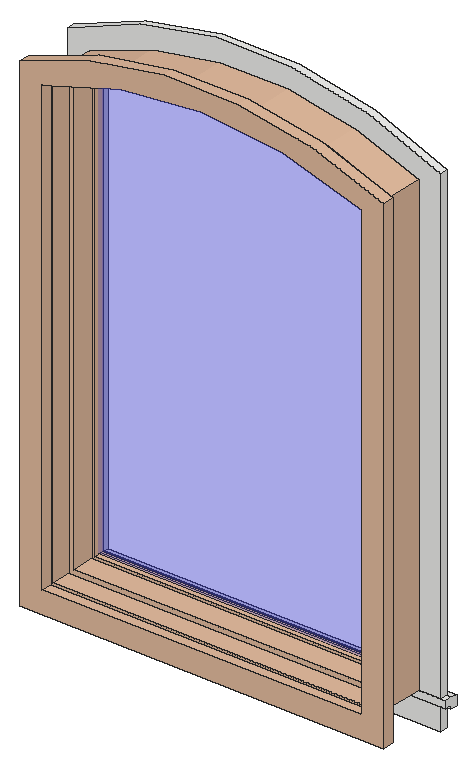
Revit family "M_Janela-fixa-arco-superior", category Janelas, Revit 2019
Family settings
  Hospedeiro = Parede
  Número OmniClass = 23.30.20.17.11
  Título OmniClass = Fixed Windows
  Sempre na vertical = Sim
  Corte com vazios quando carregada = Não
  Compartilhado = Não
  Ponto de cálculo do ambiente = Não
Parameters (values of type "900 x 1350mm")
  Janela aplicada [instance] = 0 mm
  Espessura da parede [instance] = 150 mm
  Visual Light Transmittance = 0.81
  Resistência térmica (R) = 0.319569 (m²·K)/W
  Solar Heat Gain Coefficient = 0.76
  Largura bruta = Largura + 15 mm  # 915 mm
  Altura bruta = Altura + 15 mm  # 1365 mm
  Altura de anteparo = 1250 mm
  Comprimento 1 = ((Largura / 2) * (Largura / 2) - Altura do banzo * Altura do banzo) / (2 * Altura do banzo)  # 962.5 mm
  Fechamento da parede interior [instance] = 54.75 mm
  Visibilidade do recorte interior [instance] = yes
  Material da apara interior = Madeira – Manchada
  Recorte interior = M_Moldura-janela-interior-plana-arco-superior : Quadro
  Altura = Altura do banzo + Altura de anteparo  # 1350 mm
  Material da moldura interior = Madeira – Manchada
  Coeficiente de transferência de calor (U) = 3.12929 W/(m²·K)
  Material do painel de vidro = Vidro
  Extensão do quadro [instance] = if(Visibilidade da apara externa, Janela aplicada + 6.35 mm, 6.35 mm)  # 6.35 mm
  Classificação de incêndio = "0.5h"
  Fechamento da parede externa [instance] = 31.75 mm
  Visibilidade da apara externa [instance] = yes
  Material da apara externa = Revestimento – Branco
  Apara externa = M_Moldura-janela-exterior-plana-arco-superior : com peitoril
  Material da moldura exterior = Revestimento – Branco
  Visibilidade do umbral da extensão [instance] = and(Visibilidade do recorte interior, Espessura da parede - Janela aplicada > 95.25 mm)  # yes
  Umbral da extensão [instance] = if(Espessura da parede - Janela aplicada > 95.25 mm, Espessura da parede - Janela aplicada - 95.25 mm, 25.4 mm)  # 54.75 mm
  Altura-padrão do peitoril = 900 mm
  Fechamento da parede = Por hospedeiro
  Largura = 900 mm
  Código de montagem = "B2020100"
  Altura do banzo = 100 mm
  Construção analítica = "Vidraça dupla – residencial"
Reference planes
  plane 1 "Centro (Frente/Trás)": y = 0
  plane 2: z = 0
  plane 3 "Centro (Esquerda/Direita)": x = 0
  plane 4 "Esquerda": x = -450
  plane 5 "Direita": x = 450
  plane 6 "Peitoril": z = 900
  plane 7 "Superior": z = 2250
  plane 8 "Inset Face": y = 75
  plane 9 "Fechamento da parede": y = -20.25
  plane 10 "Face do caixilho": y = 87.7
  plane 11 "Exterior": y = 75
  plane 12: x = 437.3
  plane 13: x = -437.3
  plane 14: z = 2237.3
  plane 15: z = 912.7
  plane 16: x = 411.9
  plane 17: x = -411.9
  plane 18: z = 2211.9
  plane 19: z = 938.1
  plane 20: y = 55.95
  plane 21 "Vidro": y = 65.475
  plane 22 "Meio": z = 1575
  plane 23: y = 94.05
  plane 24: y = 94.05
  plane 25 "Interior": y = -75
  plane 26 "Umbral": y = -20.25
  plane 27: z = 2150
  plane 28: z = 1143
  plane 29: y = -20.25
  plane 30: y = 43.25
  plane 31: z = 1187.5
  plane 32: y = 94.05
Forms (mm)
  Sweep 1, solid, material "Madeira – Manchada" <- "Material da moldura interior"
    path origin (0, 87.7, 0) x (-1, 0, 0) y (0, 0, 1)
      loop
        line (-450, 900) -> (450, 900) -> (450, 2150)
        arc (450, 2150) -> (0, 2250) -> (-450, 2150) r 1062.5
        line (-450, 2150) -> (-450, 900)
    profile origin (450, 87.7, 1525) x (1, 0, 0) y (0, 1, 0)
      loop
        line (0, 6.35) -> (-12.7, 6.35) -> (-12.7, -44.45) -> (-31.75, -44.45) -> (-31.75, -107.95) -> (0, -107.95) -> (0, 6.35)
  Extrusion 2, solid, material "Madeira – Manchada" <- "Material da moldura interior", visible <- "Visibilidade do umbral da extensão"
    sketch origin (0, 0, 0) x (1, 0, 0) y (0, 0, 1)
      loop
        line (450, 900) -> (450, 2150)
        arc (450, 2150) -> (0, 2250) -> (-450, 2150) r 1062.5
        line (-450, 2150) -> (-450, 900) -> (450, 900)
      loop
        line (430.95, 919.05) -> (430.95, 2150)
        arc (430.95, 2150) -> (0, 2242.073) -> (-430.95, 2150) r 1054.573
        line (-430.95, 2150) -> (-430.95, 919.05) -> (430.95, 919.05)
    from 20.25 to 75
  Sweep 3, solid, material "Madeira – Manchada" <- "Material da moldura interior"
    path origin (0, 87.7, 0) x (-1, 0, 0) y (0, 0, 1)
      loop
        line (-437.3, 912.7) -> (437.3, 912.7) -> (437.3, 2150)
        arc (437.3, 2150) -> (0, 2244.684) -> (-437.3, 2150) r 1057.184
        line (-437.3, 2150) -> (-437.3, 912.7)
    profile origin (437.3, 87.7, 1531.35) x (1, 0, 0) y (0, 1, 0)
      loop
        line (0, -12.7) -> (-25.4, -12.7) -> (-25.4, -44.45) -> (0, -44.45) -> (0, -12.7)
  Extrusion 4, solid, material "Vidro" <- "Material do painel de vidro"
    sketch origin (-697.666, 65.475, 1219.2) x (-1, 0, 0) y (0, 0, 1)
      loop
        line (-1109.566, -281.1) -> (-285.766, -281.1) -> (-285.766, 930.8)
        arc (-285.766, 930.8) -> (-697.666, 1015.233) -> (-1109.566, 930.8) r 1046.933
        line (-1109.566, 930.8) -> (-1109.566, -281.1)
    from 3.175 to 9.525
  Extrusion 5, solid, material "Vidro" <- "Material do painel de vidro"
    sketch origin (-697.666, 65.475, 1219.2) x (-1, 0, 0) y (0, 0, 1)
      loop
        line (-1109.566, -281.1) -> (-285.766, -281.1) -> (-285.766, 930.8)
        arc (-285.766, 930.8) -> (-697.666, 1015.233) -> (-1109.566, 930.8) r 1046.933
        line (-1109.566, 930.8) -> (-1109.566, -281.1)
    from -3.175 to -9.525
  Sweep 6, solid, material "Revestimento – Branco" <- "Material da moldura exterior"
    path origin (0, 0, 0) x (1, 0, 0) y (0, 0, 1)
      loop
        line (-437.3, 912.7) -> (437.3, 912.7) -> (437.3, 2150)
        arc (437.3, 2150) -> (0, 2244.684) -> (-437.3, 2150) r 1057.184
        line (-437.3, 2150) -> (-437.3, 912.7)
    profile origin (-437.3, 0, 1531.35) x (-1, 0, 0) y (0, -1, 0)
      loop
        line (-25.4, -87.7) -> (0, -87.7) -> (0, -75) -> (-25.4, -75) -> (-25.4, -87.7)
Lines and regions (mm)
  Opening 1
    outline origin (-1524, -75, 0) x (1, 0, 0) y (0, 0, 1)
      loop
        line (1074, 2150) -> (1074, 900) -> (1974, 900) -> (1974, 2150)
        arc (1974, 2150) -> (1524, 2250) -> (1074, 2150) r 1062.5
  Split face 1
    outline origin (-411.9, 43.25, 938.1) x (1, 0, 0) y (0, 1, 0)
      loop
        line (0, 19.05) -> (823.8, 19.05)
Text (mm)
  text "EXTERIOR" at (-1490.695, 1293.036, 0), in view "Nível de referência"
  text "INTERIOR" at (-1490.695, -959.266, 0), in view "Nível de referência"
  text "Exterior" at (0, 1108.87, 3129.179), in view "Esquerda"
  text "Exterior" at (0, 464.664, 3176.206), in view "Direita"
Dimensions and locks
  equal spacing: plane 4 "Esquerda", plane 3 "Centro (Esquerda/Direita)", plane 5 "Direita"
  "Largura": plane 4 "Esquerda" to plane 5 "Direita"
  "Altura-padrão do peitoril": plane 2 to plane 6 "Peitoril"
  locked: plane 10 "Face do caixilho" to plane 8 "Inset Face" at 12.7
  "Espessura da parede": host wall to host wall
  "Janela aplicada": plane 11 "Exterior" to plane 8 "Inset Face"
  locked: Sweep 1 sketch curve to plane 5 "Direita" at 31.75
  locked: Sweep 1 sketch curve to plane 5 "Direita" at 12.7
  locked: plane 10 "Face do caixilho" to Sweep 1 sketch curve at 44.45
  locked: plane 12 to plane 5 "Direita" at 12.7
  locked: plane 4 "Esquerda" to plane 13 at 12.7
  locked: plane 14 to plane 7 "Superior" at 12.7
  locked: plane 6 "Peitoril" to plane 15 at 12.7
  locked: plane 16 to plane 12 at 25.4
  locked: plane 13 to plane 17 at 25.4
  locked: plane 18 to plane 14 at 25.4
  locked: plane 15 to plane 19 at 25.4
  locked: Extrusion 2 sketch curve to plane 5 "Direita" at 19.05
  locked: Extrusion 2 sketch curve to plane 4 "Esquerda" at 19.05
  locked: plane 6 "Peitoril" to Extrusion 2 sketch curve at 19.05
  equal spacing: plane 8 "Inset Face", plane 21 "Vidro", plane 20
  locked: plane 8 "Inset Face" to plane 20 at 19.05
  equal spacing: plane 6 "Peitoril", plane 22 "Meio", plane 7 "Superior"
  locked: plane 23 to plane 11 "Exterior" at 19.05
  locked: plane 24 to plane 10 "Face do caixilho" at 6.35
  "Umbral da extensão": plane 26 "Umbral" to plane 25 "Interior"
  locked: plane 8 "Inset Face" to plane 9 "Fechamento da parede" at 95.25
  "Fechamento da parede interior": plane 29 to plane 25 "Interior"
  "Fechamento da parede externa": plane 11 "Exterior" to plane 30
  "Altura de anteparo": plane 6 "Peitoril" to plane 27
  "Altura do banzo": plane 27 to plane 7 "Superior"
  "Comprimento 1": plane 31 to plane 27
  "Extensão do quadro": plane 32 to plane 10 "Face do caixilho"
  aligned and locked: plane 6 "Peitoril" to Opening 1 sketch curve  (x2)
  aligned and locked: level to plane 2
  aligned and locked: host wall to plane 11 "Exterior"
  aligned and locked: plane 5 "Direita" to Sweep 1 sketch curve  (x2)
  aligned and locked: Sweep 1 sketch curve to plane 4 "Esquerda"
  aligned and locked: Sweep 1 sketch curve to plane 6 "Peitoril"
  aligned and locked: Extrusion 2 sketch curve to host wall  (x3)
  aligned and locked: host wall to Extrusion 2
  aligned and locked: plane 15 to Sweep 3 sketch curve
  aligned and locked: plane 25 "Interior" to host wall
  aligned and locked: plane 26 "Umbral" to Extrusion 2
  aligned and locked: plane 9 "Fechamento da parede" to Sweep 1
  aligned and locked: nested 1 to plane 4 "Esquerda"
  aligned and locked: nested 1 to plane 11 "Exterior"
  aligned and locked: plane 12 to Sweep 3 sketch curve
  aligned and locked: plane 16 to Sweep 3 sketch curve
  aligned and locked: plane 16 to Extrusion 4 sketch curve  (x2)
  aligned and locked: plane 17 to Extrusion 4 sketch curve
  aligned and locked: Extrusion 4 sketch curve to plane 19
  aligned and locked: plane 16 to Extrusion 5 sketch curve  (x2)
  aligned and locked: Extrusion 5 sketch curve to plane 19
  aligned and locked: plane 17 to Extrusion 5 sketch curve
  aligned and locked: Sweep 3 sketch curve to plane 13
  aligned and locked: plane 8 "Inset Face" to Sweep 3 sketch curve
  aligned and locked: plane 13 to Sweep 6 sketch curve
  aligned and locked: Sweep 6 sketch curve to plane 15
  aligned and locked: plane 10 "Face do caixilho" to Sweep 6 sketch curve
  aligned and locked: Sweep 6 sketch curve to plane 17
  aligned and locked: Sweep 6 sketch curve to Sweep 3  (x2)
  aligned and locked: plane 7 "Superior" to nested 1
  aligned and locked: plane 7 "Superior" to nested 2
  aligned and locked: nested 2 to plane 3 "Centro (Esquerda/Direita)"
  aligned and locked: plane 27 to Sweep 6 sketch curve  (x2)
  aligned and locked: plane 12 to Sweep 6 sketch curve
  aligned and locked: plane 31 to Sweep 6 sketch curve
  aligned and locked: plane 3 "Centro (Esquerda/Direita)" to Sweep 6 sketch curve
  aligned and locked: plane 27 to Extrusion 4 sketch curve  (x2)
  aligned and locked: plane 31 to Extrusion 4 sketch curve
  aligned and locked: plane 3 "Centro (Esquerda/Direita)" to Extrusion 4 sketch curve
  aligned and locked: plane 27 to Extrusion 5 sketch curve  (x2)
  aligned and locked: plane 3 "Centro (Esquerda/Direita)" to Extrusion 5 sketch curve
  aligned and locked: plane 31 to Extrusion 5 sketch curve
  aligned and locked: plane 27 to Extrusion 2 sketch curve  (x4)
  aligned and locked: plane 3 "Centro (Esquerda/Direita)" to Extrusion 2 sketch curve  (x2)
  aligned and locked: plane 31 to Extrusion 2 sketch curve  (x2)
  aligned and locked: plane 27 to Opening 1 sketch curve  (x2)
  aligned and locked: plane 4 "Esquerda" to Opening 1 sketch curve
  aligned and locked: plane 3 "Centro (Esquerda/Direita)" to Opening 1 sketch curve
  aligned and locked: plane 31 to Opening 1 sketch curve
  aligned and locked: plane 27 to Sweep 1 sketch curve  (x2)
  aligned and locked: plane 31 to Sweep 1 sketch curve
  aligned and locked: plane 27 to Sweep 3 sketch curve  (x2)
  aligned and locked: plane 31 to Sweep 3 sketch curve
  aligned and locked: plane 3 "Centro (Esquerda/Direita)" to Sweep 3 sketch curve
  aligned and locked: plane 3 "Centro (Esquerda/Direita)" to nested 3
  aligned and locked: plane 7 "Superior" to nested 3
  aligned and locked: plane 32 to Sweep 1 sketch curve
Automatic sketch dimensions
  Sweep 1 sketch curve to profile plane = 0 mm
  Sweep 1 sketch curve to Sweep 1 sketch curve = 63.5 mm
  Split face 1 sketch curve to Sweep 3 = 0 mm  (x2)
  Sweep 3 sketch curve to profile plane = 0 mm
  Sweep 3 sketch curve to plane 10 "Face do caixilho" = 44.45 mm
  Sweep 3 to Split face 1 sketch curve = 12.7 mm
Nested families
  nested 1: "M_Plana-fixa" at (0, 75, 900) x (-1, 0, 0) z (0, 0, 1), Largura <- "Largura", Janela aplicada <- "Janela aplicada", Espessura da parede <- "Espessura da parede", Altura <- "Altura", type "M_Plana-fixa"
    with Janela aplicada de 3D 0 mm, Janela aplicada 0 mm, Largura 900 mm, Espessura da parede 150 mm, Altura 1350 mm
  nested 2: "M_Moldura-janela-exterior-plana-arco-superior" at (0, 75, 2250) x (-1, 0, 0) z (0, 1, 0), visible <- "Visibilidade da apara externa", Material da apara <- "Material da apara externa", Largura da abertura <- "Largura", type <- "Apara externa", Altura superior do arco <- "Altura do banzo", Altura inferior <- "Altura de anteparo", type "com peitoril"
    with Material da apara Revestimento – Branco, Largura da abertura 900 mm, Altura da abertura 1350 mm, Altura inferior 1250 mm, Comprimento 2 998.206 mm, Comprimento 1 962.5 mm, Altura superior do arco 100 mm
  nested 3: "M_Moldura-janela-interior-plana-arco-superior" at (0, -75, 2250) x (1, 0, 0) z (0, -1, 0), visible <- "Visibilidade do recorte interior", Material da apara <- "Material da apara interior", Largura da abertura <- "Largura", Altura superior do arco <- "Altura do banzo", Altura inferior <- "Altura de anteparo", type <- "Recorte interior", type "Quadro"
    with Material da apara Madeira – Manchada, Largura da abertura 900 mm, Altura da abertura 1350 mm, Altura inferior 1250 mm, Comprimento 3 1080.853 mm, Comprimento 2 1089.065 mm, Comprimento 1 1051.604 mm, Altura superior do arco 100 mm
Definition of nested family "M_Moldura-janela-exterior-plana-arco-superior"
  Parameters (values of type "com peitoril")
    Largura da apara = 60 mm
    Espessura da apara_Quadro = 30 mm
    Espessura da apara_com peitoril = 19.05 mm
    Material da apara [instance] = none
    Espessura do peitoril = 30 mm
    Peitoril = yes
    Quadro = no
    Largura da abertura [instance] = 600 mm
    Altura da abertura [instance] = Altura superior do arco + Altura inferior  # 700 mm
    Altura inferior [instance] = 600 mm
    Comprimento 2 [instance] = sqrt((Comprimento 1 + Altura superior do arco + 57.15 mm) ^ 2 - (Largura da abertura / 2 + 57.15 mm) ^ 2)  # 427.621 mm
    Comprimento 1 [instance] = ((Largura da abertura / 2) * (Largura da abertura / 2) - Altura superior do arco * Altura superior do arco) / (2 * Altura superior do arco)  # 400 mm
    Default Elevation = 1200 mm
    Altura superior do arco [instance] = 100 mm
  Types (2, lengths in mm): name | Peitoril | Quadro
    com peitoril | yes | no
    Quadro | no | yes
  Reference planes
    plane 1 "Centro (Frente/Trás)": y = 0
    plane 2: z = 0
    plane 3 "Centro (Esquerda/Direita)": x = 0
    plane 4: y = 60
    plane 5 "Esquerda": x = -300
    plane 6 "Direita": x = 300
    plane 7 "Inferior": y = -700
    plane 8: y = -730
    plane 9: y = -780.432
    plane 10: x = 360
    plane 11: x = -360
    plane 12: z = 19.05
    plane 13: z = 30
    plane 14: x = 372.7
    plane 15: x = -372.7
    plane 16: y = -720.432
    plane 17: y = -760
    plane 18: z = 12.7
    plane 19: y = -609.6
    plane 20: z = 38.1
    plane 21: y = -100
    plane 22: y = -500
    plane 23: y = -72.379
  Forms (mm)
    Extrusion 1, solid
      sketch origin (0, 0, 0) x (1, 0, 0) y (0, 1, 0)
        loop
          line (-361.95, 57.15) -> (-361.95, -914.4) -> (361.95, -914.4) -> (361.95, 57.15) -> (-361.95, 57.15)
      from 0 to -304.8
    Extrusion 2, solid, material <- "Material da apara", visible <- "Peitoril"
      sketch origin (0, 0, 0) x (1, 0, 0) y (0, 1, 0)
        loop
          line (-360, -700) -> (-300, -700) -> (-300, -100)
          arc (-300, -100) -> (0, 0) -> (300, -100) r 500
          line (300, -100) -> (300, -700) -> (360, -700) -> (360, -72.379)
          arc (360, -72.379) -> (0, 58.981) -> (-360, -72.379) r 558.981
          line (-360, -72.379) -> (-360, -700)
      from 0 to 19.05
    Extrusion 3, solid, material <- "Material da apara", visible <- "Peitoril"
      sketch origin (0, 0, 0) x (0, 1, 0) y (0, 0, 1)
        loop
          line (-702.458, 38.1) -> (-730, 38.1) -> (-730, 19.05) -> (-720.432, 19.05) -> (-720.432, 0) -> (-700, 0) -> (-700, 19.05) -> (-702.458, 38.1)
      from -372.7 to 372.7
    Extrusion 4, solid, material <- "Material da apara", visible <- "Peitoril"
      sketch origin (0, 0, 0) x (1, 0, 0) y (0, 1, 0)
        loop
          line (-360, -720.432) -> (-360, -780.432) -> (360, -780.432) -> (360, -720.432) -> (-360, -720.432)
      from 0 to 19.05
    Extrusion 5, solid, material <- "Material da apara", visible <- "Quadro"
      sketch origin (0, 0, 0) x (1, 0, 0) y (0, 1, 0)
        loop
          line (-300, -700) -> (300, -700) -> (300, -100)
          arc (300, -100) -> (0, 0) -> (-300, -100) r 500
          line (-300, -100) -> (-300, -700)
        loop
          line (-360, -760) -> (360, -760) -> (360, -72.379)
          arc (360, -72.379) -> (0, 58.981) -> (-360, -72.379) r 558.981
          line (-360, -72.379) -> (-360, -760)
      from 0 to 30
  Dimensions and locks
    equal spacing: plane 5 "Esquerda", plane 3 "Centro (Esquerda/Direita)", plane 6 "Direita"
    "Largura da abertura": plane 5 "Esquerda" to plane 6 "Direita"
    "Espessura do peitoril": plane 7 "Inferior" to plane 8
    "Largura da apara": plane 11 to plane 5 "Esquerda"
    "Largura da apara": plane 6 "Direita" to plane 10
    "Largura da apara": plane 1 "Centro (Frente/Trás)" to plane 4
    locked: plane 15 to plane 11 at 12.7
    locked: plane 10 to plane 14 at 12.7
    locked: plane 16 to plane 8 at 9.568
    "Largura da apara": plane 9 to plane 16
    "Largura da apara": plane 17 to plane 7 "Inferior"
    locked: plane 18 to plane 2 at 12.7
    locked: plane 20 to plane 12 at 19.05
    "Espessura da apara_com peitoril": plane 12 to plane 2
    "Espessura da apara_Quadro": plane 13 to plane 2
    "Altura superior do arco": plane 21 to plane 1 "Centro (Frente/Trás)"
    "Altura inferior": plane 21 to plane 7 "Inferior"
    "Comprimento 1": plane 21 to plane 22
    "Comprimento 2": plane 23 to plane 22
    aligned and locked: plane 2 to Extrusion 1
    aligned and locked: level to Extrusion 1
    aligned and locked: Extrusion 2 sketch curve to plane 11
    aligned and locked: plane 7 "Inferior" to Extrusion 2 sketch curve  (x2)
    aligned and locked: plane 10 to Extrusion 2 sketch curve
    aligned and locked: plane 6 "Direita" to Extrusion 2 sketch curve
    aligned and locked: plane 12 to Extrusion 2
    aligned and locked: Extrusion 3 sketch curve to level
    aligned and locked: plane 7 "Inferior" to Extrusion 3 sketch curve
    aligned and locked: Extrusion 3 sketch curve to plane 8
    aligned and locked: plane 15 to Extrusion 3
    aligned and locked: Extrusion 3 to plane 14
    aligned and locked: plane 10 to Extrusion 4 sketch curve
    aligned and locked: Extrusion 4 sketch curve to plane 11
    aligned and locked: plane 16 to Extrusion 4 sketch curve
    aligned and locked: plane 9 to Extrusion 4 sketch curve
    aligned and locked: Extrusion 4 to Extrusion 2
    aligned and locked: Extrusion 5 sketch curve to plane 17
    aligned and locked: plane 7 "Inferior" to Extrusion 5 sketch curve
    aligned and locked: Extrusion 5 sketch curve to plane 6 "Direita"
    aligned and locked: plane 5 "Esquerda" to Extrusion 5 sketch curve  (x2)
    aligned and locked: Extrusion 5 sketch curve to plane 11
    aligned and locked: plane 13 to Extrusion 5
    aligned and locked: plane 20 to Extrusion 3
    aligned and locked: plane 21 to Extrusion 5 sketch curve  (x2)
    aligned and locked: plane 22 to Extrusion 5 sketch curve  (x2)
    aligned and locked: plane 21 to Extrusion 2 sketch curve  (x2)
    aligned and locked: plane 5 "Esquerda" to Extrusion 2 sketch curve
    aligned and locked: plane 3 "Centro (Esquerda/Direita)" to Extrusion 2 sketch curve  (x2)
    aligned and locked: plane 22 to Extrusion 2 sketch curve  (x2)
    aligned and locked: plane 3 "Centro (Esquerda/Direita)" to Extrusion 5 sketch curve
    aligned and locked: plane 10 to Extrusion 5 sketch curve
    aligned and locked: plane 23 to Extrusion 5 sketch curve
    aligned and locked: plane 23 to Extrusion 2 sketch curve  (x2)
  Automatic sketch dimensions
    Extrusion 1 sketch curve to Extrusion 1 sketch curve = 723.9 mm
    Extrusion 1 sketch curve to Extrusion 1 sketch curve = 971.55 mm
    Extrusion 3 sketch curve to plane 16 = 0 mm
    Extrusion 3 sketch curve to plane 12 = 0 mm  (x2)
    Extrusion 3 sketch curve to plane 7 "Inferior" = 2.458 mm
    plane 13 to Extrusion 3 sketch curve = 8.1 mm
Definition of nested family "M_Moldura-janela-interior-plana-arco-superior"
  Parameters (values of type "com peitoril")
    Espessura da apara_Quadro = 30 mm
    Largura da apara = 60 mm
    Espessura da apara_com peitoril = 20 mm
    Material da apara [instance] = none
    Espessura do peitoril = 30 mm
    Peitoril = yes
    Quadro = no
    Largura da abertura [instance] = 600 mm
    Altura da abertura [instance] = Altura superior do arco + Altura inferior  # 700 mm
    Altura inferior [instance] = 600 mm
    Comprimento 3 [instance] = sqrt((Comprimento 1 + Altura superior do arco + 31.75 mm) ^ 2 - (Largura da abertura / 2 + 31.75 mm) ^ 2)  # 452.205 mm
    Comprimento 2 [instance] = sqrt((Comprimento 1 + Altura superior do arco + 44.45 mm) ^ 2 - (Largura da abertura / 2 + 44.45 mm) ^ 2)  # 458.594 mm
    Comprimento 1 [instance] = ((Largura da abertura / 2 - 12.7 mm) * (Largura da abertura / 2 - 12.7 mm) - (Altura superior do arco - 12.7 mm) * (Altura superior do arco - 12.7 mm)) / (2 * (Altura superior do arco - 12.7 mm))  # 429.095 mm
    Default Elevation = 1200 mm
    Altura superior do arco [instance] = 100 mm
  Types (2, lengths in mm): name | Peitoril | Quadro
    com peitoril | yes | no
    Quadro | no | yes
  Reference planes
    plane 1 "Centro (Frente/Trás)": y = 0
    plane 2: z = 0
    plane 3 "Centro (Esquerda/Direita)": x = 0
    plane 4: y = 47.3
    plane 5 "Esquerda": x = -300
    plane 6 "Direita": x = 300
    plane 7 "Inferior": y = -700
    plane 8: y = -730
    plane 9: y = -780.432
    plane 10: x = 347.3
    plane 11: x = -347.3
    plane 12: z = 20
    plane 13: z = 30
    plane 14: x = 360
    plane 15: x = -360
    plane 16: y = -720.432
    plane 17: y = -747.3
    plane 18: z = 12.7
    plane 19: x = -287.3
    plane 20: y = -12.7
    plane 21: x = 287.3
    plane 22: y = -687.3
    plane 23: x = -334.6
    plane 24: x = 334.6
    plane 25: y = -100
    plane 26: y = -609.6
    plane 27: y = -529.095
    plane 28: y = -70.501
    plane 29: y = -76.89
  Forms (mm)
    Extrusion 1, solid
      sketch origin (0, 0, 0) x (1, 0, 0) y (0, 1, 0)
        loop
          line (-349.25, 44.45) -> (-349.25, -914.4) -> (349.25, -914.4) -> (349.25, 44.45) -> (-349.25, 44.45)
      from 0 to -304.8
    Extrusion 2, solid, material <- "Material da apara", visible <- "Peitoril"
      sketch origin (0, 0, 0) x (1, 0, 0) y (0, 1, 0)
        loop
          line (-334.6, -700) -> (-287.3, -700) -> (-287.3, -100)
          arc (-287.3, -100) -> (0, -12.7) -> (287.3, -100) r 516.395
          line (287.3, -100) -> (287.3, -700) -> (334.6, -700) -> (334.6, -76.89)
          arc (334.6, -76.89) -> (0, 33.441) -> (-334.6, -76.89) r 562.536
          line (-334.6, -76.89) -> (-334.6, -700)
      from 0 to 20
    Extrusion 3, solid, material <- "Material da apara", visible <- "Peitoril"
      sketch origin (0, 0, 0) x (0, 1, 0) y (0, 0, 1)
        loop
          line (-712.7, 39.05) -> (-720.432, 39.05) -> (-720.432, 0) -> (-700, 0) -> (-700, 26.35)
          arc (-700, 26.35) -> (-703.72, 35.33) -> (-712.7, 39.05) r 12.7
      from -347.3 to 347.3
    Extrusion 4, solid, material <- "Material da apara", visible <- "Peitoril"
      sketch origin (0, 0, 0) x (1, 0, 0) y (0, 1, 0)
        loop
          line (-334.6, -720.432) -> (-334.6, -780.432) -> (334.6, -780.432) -> (334.6, -720.432) -> (-334.6, -720.432)
      from 0 to 20
    Extrusion 5, solid, material <- "Material da apara", visible <- "Quadro"
      sketch origin (0, 0, 0) x (1, 0, 0) y (0, 1, 0)
        loop
          line (-287.3, -687.3) -> (287.3, -687.3) -> (287.3, -100)
          arc (287.3, -100) -> (0, -12.7) -> (-287.3, -100) r 516.395
          line (-287.3, -100) -> (-287.3, -687.3)
        loop
          line (-347.3, -747.3) -> (347.3, -747.3) -> (347.3, -70.501)
          arc (347.3, -70.501) -> (0, 46.166) -> (-347.3, -70.501) r 575.261
          line (-347.3, -70.501) -> (-347.3, -747.3)
      from 0 to 30
  Dimensions and locks
    equal spacing: plane 5 "Esquerda", plane 3 "Centro (Esquerda/Direita)", plane 6 "Direita"
    "Largura da abertura": plane 5 "Esquerda" to plane 6 "Direita"
    "Espessura do peitoril": plane 7 "Inferior" to plane 8
    "Largura da apara": plane 11 to plane 19
    "Largura da apara": plane 21 to plane 10
    "Largura da apara": plane 20 to plane 4
    "Espessura da apara_com peitoril": plane 12 to plane 2
    locked: plane 15 to plane 11 at 12.7
    locked: plane 10 to plane 14 at 12.7
    locked: plane 16 to plane 8 at 9.568
    "Largura da apara": plane 9 to plane 16
    "Largura da apara": plane 17 to plane 22
    plane 20 to plane 1 "Centro (Frente/Trás)" = 12.7 mm
    plane 5 "Esquerda" to plane 19 = 12.7 mm
    plane 21 to plane 6 "Direita" = 12.7 mm
    plane 22 to plane 7 "Inferior" = 12.7 mm
    locked: plane 11 to plane 23 at 12.7
    locked: plane 24 to plane 10 at 12.7
    "Espessura da apara_Quadro": plane 13 to plane 2
    locked: Extrusion 3 to plane 12 at 19.05
    locked: plane 12 to Extrusion 3 sketch curve at 19.05
    "Altura superior do arco": plane 25 to plane 1 "Centro (Frente/Trás)"
    "Altura inferior": plane 25 to plane 7 "Inferior"
    "Comprimento 1": plane 25 to plane 27
    "Comprimento 2": plane 28 to plane 27
    "Comprimento 3": plane 29 to plane 27
    radius of Extrusion 3 sketch curve = 12.7 mm
    aligned and locked: plane 2 to Extrusion 1
    aligned and locked: level to Extrusion 1
    aligned and locked: plane 7 "Inferior" to Extrusion 2 sketch curve  (x2)
    aligned and locked: plane 12 to Extrusion 2
    aligned and locked: Extrusion 3 sketch curve to level
    aligned and locked: plane 7 "Inferior" to Extrusion 3 sketch curve
    aligned and locked: plane 16 to Extrusion 4 sketch curve
    aligned and locked: plane 9 to Extrusion 4 sketch curve
    aligned and locked: Extrusion 5 sketch curve to plane 17
    aligned and locked: Extrusion 5 sketch curve to plane 11
    aligned and locked: plane 13 to Extrusion 5
    aligned and locked: plane 19 to Extrusion 5 sketch curve  (x2)
    aligned and locked: Extrusion 5 sketch curve to plane 21
    aligned and locked: plane 22 to Extrusion 5 sketch curve
    aligned and locked: plane 24 to Extrusion 4
    aligned and locked: plane 11 to Extrusion 3
    aligned and locked: Extrusion 3 to plane 10
    aligned and locked: plane 21 to Extrusion 2 sketch curve
    aligned and locked: Extrusion 2 sketch curve to plane 24
    aligned and locked: plane 23 to Extrusion 2 sketch curve  (x2)
    aligned and locked: plane 12 to Extrusion 4
    aligned and locked: plane 27 to Extrusion 2 sketch curve  (x2)
    aligned and locked: plane 3 "Centro (Esquerda/Direita)" to Extrusion 2 sketch curve  (x2)
    aligned and locked: plane 19 to Extrusion 2 sketch curve
    aligned and locked: Extrusion 5 to Extrusion 2 sketch curve
    aligned and locked: plane 25 to Extrusion 2 sketch curve
    aligned and locked: plane 29 to Extrusion 2 sketch curve
    aligned and locked: plane 27 to Extrusion 5 sketch curve  (x2)
    aligned and locked: plane 3 "Centro (Esquerda/Direita)" to Extrusion 5 sketch curve  (x2)
    aligned and locked: plane 25 to Extrusion 5 sketch curve
    aligned and locked: plane 28 to Extrusion 5 sketch curve  (x2)
    aligned and locked: plane 10 to Extrusion 5 sketch curve
  Automatic sketch dimensions
    Extrusion 1 sketch curve to Extrusion 1 sketch curve = 698.5 mm
    Extrusion 1 sketch curve to Extrusion 1 sketch curve = 958.85 mm
    Extrusion 3 sketch curve to plane 16 = 0 mm
    Extrusion 4 sketch curve to plane 11 = 12.7 mm
    Extrusion 4 sketch curve to plane 24 = 0 mm
Definition of nested family "M_Plana-fixa"
  Parameters (values of type "M_Plana-fixa")
    Janela aplicada [instance] = 25 mm
    Janela aplicada de 3D [instance] = if(Janela aplicada - 12.7 mm < 0 mm, 0 mm, if(Janela aplicada - 12.7 mm < Espessura da parede - 88.9 mm, Janela aplicada - 12.7 mm, Espessura da parede - 88.9 mm))  # 12.3 mm
    Width [instance] = 1200 mm
    Espessura da parede [instance] = 150 mm
    Height [instance] = 900 mm
    Default Elevation = 1200 mm
    Analytic Construction = "<Nenhum>"
  Reference planes
    plane 1 "Centro (Frente/Trás)": y = 0
    plane 2: z = 0
    plane 3 "Centro (Esquerda/Direita)": x = 0
    plane 4: x = -600
    plane 5: x = 600
    plane 6 "Umbral": y = -101.2
    plane 7: x = -587.3
    plane 8: x = -568.25
    plane 9: y = -12.3
    plane 10: y = -56.75
    plane 11: y = -34.525
    plane 12: x = -561.9
    plane 13: x = 587.3
    plane 14: x = 568.25
    plane 15: x = 561.9
    plane 16 "Janela aplicada": y = -25
    plane 17 "Parede": y = -150
    plane 18: z = 900
    plane 19: z = 887.3
    plane 20: z = 12.7
    plane 21: z = 868.25
    plane 22: z = 31.75
    plane 23: z = 861.9
    plane 24: z = 38.1
  Lines and regions (mm)
    Masking region 1
      outline origin (0, 19.05, 0) x (1, 0, 0) y (0, 1, 0)
        loop
          line (-600, -169.05) -> (600, -169.05) -> (600, -19.05) -> (-600, -19.05) -> (-600, -169.05)
    Masking region 2
      outline origin (0, 0, 0) x (0, 1, 0) y (0, 0, 1)
        loop
          line (-150, 900) -> (-150, 0) -> (0, 0) -> (0, 900) -> (-150, 900)
    symbolic lines
      curve 1: line (-587.3, -56.75, 0) -> (-568.25, -56.75, 0)
      curve 2: line (-568.25, -56.75, 0) -> (-568.25, -101.2, 0)
      curve 3: line (-587.3, -12.3, 0) -> (-587.3, -56.75, 0)
      curve 4: line (-600, -12.3, 0) -> (-561.9, -12.3, 0)
      curve 5: line (-561.9, -12.3, 0) -> (-561.9, -56.75, 0)
      curve 6: line (-561.9, -56.75, 0) -> (-568.25, -56.75, 0)
      curve 7: line (-561.9, -34.525, 0) -> (561.9, -34.525, 0)
      curve 8: line (587.3, -56.75, 0) -> (568.25, -56.75, 0)
      curve 9: line (568.25, -56.75, 0) -> (568.25, -101.2, 0)
      curve 10: line (587.3, -12.3, 0) -> (587.3, -56.75, 0)
      curve 11: line (561.9, -12.3, 0) -> (561.9, -56.75, 0)
      curve 12: line (561.9, -56.75, 0) -> (568.25, -56.75, 0)
      curve 13: line (-600, -101.2, 0) -> (-568.25, -101.2, 0)
      curve 14: line (568.25, -101.2, 0) -> (600, -101.2, 0)
      curve 15: line (0, -12.3, 887.3) -> (0, -56.75, 887.3)
      curve 16: line (0, -56.75, 868.25) -> (0, -101.2, 868.25)
      curve 17: line (0, -101.2, 0) -> (0, -101.2, 31.75)
      curve 18: line (0, -12.3, 12.7) -> (0, -56.75, 12.7)
      curve 19: line (0, -56.75, 12.7) -> (0, -56.75, 38.1)
      curve 20: line (0, -56.75, 31.75) -> (0, -101.2, 31.75)
      curve 21: line (0, -12.3, 900) -> (0, -12.3, 861.9)
      curve 22: line (0, -12.3, 861.9) -> (0, -56.75, 861.9)
      curve 23: line (0, -56.75, 38.1) -> (0, -12.3, 38.1)
      curve 24: line (0, -34.525, 38.1) -> (0, -34.525, 861.9)
      curve 25: line (0, -56.75, 887.3) -> (0, -56.75, 861.9)
      curve 26: line (561.9, -12.3, 0) -> (600, -12.3, 0)
      curve 27: line (0, -101.2, 868.25) -> (0, -101.2, 900)
      curve 28: line (0, -12.3, 38.1) -> (0, -12.3, 0)
      curve 29: line (-561.9, -12.3, 0) -> (561.9, -12.3, 0)
      curve 30: line (568.25, -101.2, 0) -> (-568.25, -101.2, 0)
      curve 31: line (0, -12.3, 861.9) -> (0, -12.3, 38.1)
      curve 32: line (0, -101.2, 31.75) -> (0, -101.2, 868.25)
  Dimensions and locks
    "Width": plane 4 to plane 5
    equal spacing: plane 4, plane 3 "Centro (Esquerda/Direita)", plane 5
    plane 4 to plane 7 to plane 8 = 12.7 mm locked, 19.05 mm locked
    equal spacing: plane 9, plane 11, plane 10
    plane 5 to plane 13 to plane 14 = 12.7 mm locked, 19.05 mm locked
    locked: plane 9 to plane 16 "Janela aplicada" at 12.7
    locked: plane 9 to plane 10 at 44.45
    "Espessura da parede": plane 17 "Parede" to plane 1 "Centro (Frente/Trás)"
    "Height": plane 18 to plane 2
    locked: plane 18 to plane 19 at 12.7
    locked: plane 20 to plane 2 at 12.7
    locked: plane 19 to plane 21 at 19.05
    locked: plane 22 to plane 20 at 19.05
    locked: plane 10 to plane 6 "Umbral" at 44.45
    "Janela aplicada de 3D": plane 9 to plane 1 "Centro (Frente/Trás)"
    locked: plane 7 to plane 12 at 25.4
    locked: plane 15 to plane 13 at 25.4
    locked: plane 19 to plane 23 at 25.4
    locked: plane 24 to plane 20 at 25.4
    aligned and locked: plane 2 to level
    aligned and locked: curve 2 to plane 8
    aligned and locked: curve 1 to plane 10
    aligned and locked: plane 4 to Masking region 1 sketch curve
    aligned and locked: Masking region 1 sketch curve to plane 5
    aligned and locked: plane 14 to curve 9
    aligned and locked: Masking region 1 sketch curve to plane 17 "Parede"
    aligned and locked: curve 13 to plane 6 "Umbral"
    aligned and locked: curve 14 to plane 6 "Umbral"
    aligned and locked: plane 1 "Centro (Frente/Trás)" to Masking region 1 sketch curve
    aligned and locked: Masking region 2 sketch curve to plane 18
    aligned and locked: plane 17 "Parede" to Masking region 2 sketch curve
    aligned and locked: level to Masking region 2 sketch curve
    aligned and locked: plane 6 "Umbral" to curve 17
    aligned and locked: plane 21 to curve 16
    aligned and locked: plane 19 to curve 15
    aligned and locked: plane 22 to curve 20
    aligned and locked: plane 10 to curve 19  (x2)
    aligned and locked: plane 20 to curve 18
    aligned and locked: curve 21 to plane 9
    aligned and locked: plane 23 to curve 22
    aligned and locked: curve 23 to plane 24
    aligned and locked: plane 11 to curve 24
    aligned and locked: plane 4 to curve 4
    aligned and locked: plane 5 to curve 26
    aligned and locked: plane 18 to curve 21
    aligned and locked: plane 9 to curve 15
    aligned and locked: plane 9 to curve 18
    aligned and locked: plane 2 to curve 28
    aligned and locked: plane 9 to curve 3
    aligned and locked: plane 9 to curve 10
    aligned and locked: curve 25 to plane 10
    aligned and locked: plane 19 to curve 25
    aligned and locked: plane 23 to curve 25
    aligned and locked: plane 2 to curve 17
    aligned and locked: curve 26 to plane 9
    aligned and locked: curve 4 to plane 9
    aligned and locked: curve 5 to plane 12
    aligned and locked: plane 15 to curve 11
    aligned and locked: curve 7 to plane 11
    aligned and locked: curve 12 to plane 10
    aligned and locked: plane 10 to curve 8
    aligned and locked: plane 6 "Umbral" to curve 27
  Automatic sketch dimensions
    Masking region 2 sketch curve to plane 1 "Centro (Frente/Trás)" = 0 mm
    curve 13 to plane 4 = 0 mm
    curve 3 to plane 7 = 0 mm
    curve 10 to plane 13 = 0 mm
    curve 14 to plane 5 = 0 mm
    curve 18 to plane 20 = 0 mm
    curve 27 to plane 18 = 0 mm
Types in the file's own list only (19): name | Transmissão de luz visual | Resistência térmica (R) | Coeficiente de ganho de calor solar | Largura bruta | Altura bruta | Altura de anteparo | Comprimento 1 | Altura | Coeficiente de transferência de calor (U) | Largura | Altura do banzo
  600 x 1000mm | 0.81 | 0.3196 (m²·K)/W | 0.76 | 615 mm | 1015 mm | 900 mm | 400 mm | 1000 mm | 3.1293 W/(m²·K) | 600 mm | 100 mm
  600 x 1300mm | 0.81 | 0.3196 (m²·K)/W | 0.76 | 615 mm | 1315 mm | 1200 mm | 400 mm | 1300 mm | 3.1293 W/(m²·K) | 600 mm | 100 mm
  600 x 1550mm | 0.81 | 0.3196 (m²·K)/W | 0.76 | 615 mm | 1565 mm | 1450 mm | 400 mm | 1550 mm | 3.1293 W/(m²·K) | 600 mm | 100 mm
  600 x 1900mm | 0.81 | 0.3196 (m²·K)/W | 0.76 | 615 mm | 1915 mm | 1800 mm | 400 mm | 1900 mm | 3.1293 W/(m²·K) | 600 mm | 100 mm
  900 x 1050mm | 0.81 | 0.3196 (m²·K)/W | 0.76 | 915 mm | 1065 mm | 950 mm | 963 mm | 1050 mm | 3.1293 W/(m²·K) | 900 mm | 100 mm
  900 x 1650mm | 0.81 | 0.3196 (m²·K)/W | 0.76 | 915 mm | 1665 mm | 1550 mm | 963 mm | 1650 mm | 3.1293 W/(m²·K) | 900 mm | 100 mm
  900 x 1900mm | 0.81 | 0.3196 (m²·K)/W | 0.76 | 915 mm | 1915 mm | 1800 mm | 963 mm | 1900 mm | 3.1293 W/(m²·K) | 900 mm | 100 mm
  1200 x 1100mm | 0.81 | 0.3196 (m²·K)/W | 0.76 | 1215 mm | 1115 mm | 950 mm | 1125 mm | 1100 mm | 3.1293 W/(m²·K) | 1200 mm | 150 mm
  1200 x 1350mm | 0.81 | 0.3196 (m²·K)/W | 0.76 | 1215 mm | 1365 mm | 1200 mm | 1125 mm | 1350 mm | 3.1293 W/(m²·K) | 1200 mm | 150 mm
  1200 x 1650mm | 0.81 | 0.3196 (m²·K)/W | 0.76 | 1215 mm | 1665 mm | 1500 mm | 1125 mm | 1650 mm | 3.1293 W/(m²·K) | 1200 mm | 150 mm
  1200 x 1950mm | 0.81 | 0.3196 (m²·K)/W | 0.76 | 1215 mm | 1965 mm | 1800 mm | 1125 mm | 1950 mm | 3.1293 W/(m²·K) | 1200 mm | 150 mm
  1500 x 1100mm | 0.81 | 0.3196 (m²·K)/W | 0.76 | 1515 mm | 1115 mm | 900 mm | 1306 mm | 1100 mm | 3.1293 W/(m²·K) | 1500 mm | 200 mm
  1500 x 1400mm | 0.81 | 0.3196 (m²·K)/W | 0.76 | 1515 mm | 1415 mm | 1200 mm | 1306 mm | 1400 mm | 3.1293 W/(m²·K) | 1500 mm | 200 mm
  1500 x 1700mm | 0.81 | 0.3196 (m²·K)/W | 0.76 | 1515 mm | 1715 mm | 1500 mm | 1306 mm | 1700 mm | 3.1293 W/(m²·K) | 1500 mm | 200 mm
  1500 x 2000mm | 0.81 | 0.3196 (m²·K)/W | 0.76 | 1515 mm | 2015 mm | 1800 mm | 1306 mm | 2000 mm | 3.1293 W/(m²·K) | 1500 mm | 200 mm
  1800 x 1100mm | 0.81 | 0.3196 (m²·K)/W | 0.76 | 1815 mm | 1115 mm | 900 mm | 1925 mm | 1100 mm | 3.1293 W/(m²·K) | 1800 mm | 200 mm
  1800 x 1400mm | 0.81 | 0.3196 (m²·K)/W | 0.76 | 1815 mm | 1415 mm | 1200 mm | 1925 mm | 1400 mm | 3.1293 W/(m²·K) | 1800 mm | 200 mm
  1800 x 1700mm | 0.81 | 0.3196 (m²·K)/W | 0.76 | 1815 mm | 1715 mm | 1500 mm | 1925 mm | 1700 mm | 3.1293 W/(m²·K) | 1800 mm | 200 mm
  1800 x 2000mm | 0.81 | 0.3196 (m²·K)/W | 0.76 | 1815 mm | 2015 mm | 1800 mm | 1925 mm | 2000 mm | 3.1293 W/(m²·K) | 1800 mm | 200 mm
